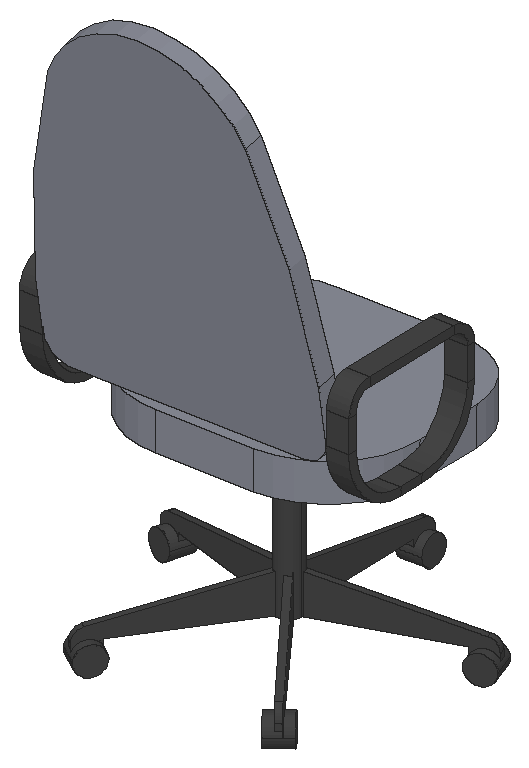
Revit family "Chair_Office", category Furniture, Revit 2021
Family settings
  Work Plane-Based = No
  Always vertical = Yes
  Cut with Voids When Loaded = No
  Shared = Yes
  Room Calculation Point = No
Parameters (values of type "635x685x435mm")
  Keynote = "N"
  Material Frame = Plastic - Black
  Material Caster = Plastic - Black
  Material Seat = Textile - Slate Blue
  Default Elevation = 0.00 mm
Reference planes
  plane 1 "Center (Front/Back)": y = 18.946
  plane 2: z = 0
  plane 3 "Center (Left/Right)": x = 140.991
  plane 4: x = 458.491
  plane 5: x = -176.509
  plane 6: y = -323.954
  plane 7: y = 361.846
  plane 8: z = 1066.8
  plane 9 "Seat": z = 457.2
  plane 10: x = 191.791
  plane 11: x = 90.191
  plane 12: through (0, -131.752, -23.231) normal (0, -0.9848, -0.1736)
  plane 13: x = 414.041
  plane 14: x = -132.059
Forms (mm)
  Extrusion 1, solid, material "Plastic - Black" <- "Material Frame"
    sketch origin (191.791, 0, 0) x (0, -1, 0) y (0, 0, 1)
      loop
        line (19.154, 383.784) -> (-69.746, 383.784) -> (-69.746, 371.084) -> (-18.946, 283.095) -> (19.154, 283.095) -> (19.154, 383.784)
    from 0 to 101.6
  Extrusion 2, solid, material "Plastic - Black" <- "Material Frame"
    sketch origin (140.991, 0, 0) x (0, 1, 0) y (0, 0, 1)
      loop
        line (18.946, 53.584) -> (311.046, 53.584) -> (311.046, 28.184) -> (361.846, 28.184) -> (361.846, 52.487)
        arc (361.846, 52.487) -> (355.903, 68.813) -> (340.857, 77.501) r 25.4
        line (340.857, 77.501) -> (44.346, 129.784) -> (18.946, 129.784) -> (18.946, 53.584)
    from 6.35 to -6.35
  Extrusion 3, solid, material "Plastic - Black" <- "Material Caster"
    sketch origin (140.991, 0, 0) x (0, 1, 0) y (0, 0, 1)
      loop
        circle (336.446, 28.184) r 28.2
    from 25.4 to -25.4
  Extrusion 4, solid, material "Plastic - Black" <- "Material Frame"
    sketch origin (159.009, 13.091, 0) x (-0.951057, 0.309017, 0) y (0, 0, 1)
      loop
        line (18.946, 53.584) -> (311.046, 53.584) -> (311.046, 28.184) -> (361.846, 28.184) -> (361.846, 52.487)
        arc (361.846, 52.487) -> (355.903, 68.813) -> (340.857, 77.501) r 25.4
        line (340.857, 77.501) -> (44.346, 129.784) -> (18.946, 129.784) -> (18.946, 53.584)
    from 6.35 to -6.35
  Extrusion 5, solid, material "Plastic - Black" <- "Material Caster"
    sketch origin (159.009, 13.091, 0) x (-0.951057, 0.309017, 0) y (0, 0, 1)
      loop
        circle (336.446, 28.184) r 28.2
    from 25.4 to -25.4
  Extrusion 6, solid, material "Plastic - Black" <- "Material Frame"
    sketch origin (152.127, 34.273, 0) x (-0.587785, -0.809017, 0) y (0, 0, 1)
      loop
        line (18.946, 53.584) -> (311.046, 53.584) -> (311.046, 28.184) -> (361.846, 28.184) -> (361.846, 52.487)
        arc (361.846, 52.487) -> (355.903, 68.813) -> (340.857, 77.501) r 25.4
        line (340.857, 77.501) -> (44.346, 129.784) -> (18.946, 129.784) -> (18.946, 53.584)
    from 6.35 to -6.35
  Extrusion 7, solid, material "Plastic - Black" <- "Material Caster"
    sketch origin (152.127, 34.273, 0) x (-0.587785, -0.809017, 0) y (0, 0, 1)
      loop
        circle (336.446, 28.184) r 28.2
    from 25.4 to -25.4
  Extrusion 8, solid, material "Plastic - Black" <- "Material Frame"
    sketch origin (129.855, 34.273, 0) x (0.587785, -0.809017, 0) y (0, 0, 1)
      loop
        line (18.946, 53.584) -> (311.046, 53.584) -> (311.046, 28.184) -> (361.846, 28.184) -> (361.846, 52.487)
        arc (361.846, 52.487) -> (355.903, 68.813) -> (340.857, 77.501) r 25.4
        line (340.857, 77.501) -> (44.346, 129.784) -> (18.946, 129.784) -> (18.946, 53.584)
    from 6.35 to -6.35
  Extrusion 9, solid, material "Plastic - Black" <- "Material Caster"
    sketch origin (129.855, 34.273, 0) x (0.587785, -0.809017, 0) y (0, 0, 1)
      loop
        circle (336.446, 28.184) r 28.2
    from 25.4 to -25.4
  Extrusion 10, solid, material "Plastic - Black" <- "Material Frame"
    sketch origin (122.972, 13.091, 0) x (0.951057, 0.309017, 0) y (0, 0, 1)
      loop
        line (18.946, 53.584) -> (311.046, 53.584) -> (311.046, 28.184) -> (361.846, 28.184) -> (361.846, 52.487)
        arc (361.846, 52.487) -> (355.903, 68.813) -> (340.857, 77.501) r 25.4
        line (340.857, 77.501) -> (44.346, 129.784) -> (18.946, 129.784) -> (18.946, 53.584)
    from 6.35 to -6.35
  Extrusion 11, solid, material "Plastic - Black" <- "Material Caster"
    sketch origin (122.972, 13.091, 0) x (0.951057, 0.309017, 0) y (0, 0, 1)
      loop
        circle (336.446, 28.184) r 28.2
    from 25.4 to -25.4
  Extrusion 12, solid, material "Plastic - Black" <- "Material Frame"
    sketch origin (0, 0, 0) x (1, 0, 0) y (0, 1, 0)
      loop
        circle (140.991, 18.946) r 25.4
    from 53.584 to 384.175
  Extrusion 13, solid, material "Textile - Slate Blue" <- "Material Seat"
    sketch origin (0, 0, 0) x (1, 0, 0) y (0, 1, 0)
      loop
        arc (20.341, 281.896) -> (-87.422, 237.259) -> (-132.059, 129.496) r 152.4
        line (-132.059, 129.496) -> (-132.059, -6.454)
        arc (-132.059, -6.454) -> (-79.983, -132.178) -> (45.741, -184.254) r 177.8
        line (45.741, -184.254) -> (236.241, -184.254)
        arc (236.241, -184.254) -> (361.964, -132.178) -> (414.041, -6.454) r 177.8
        line (414.041, -6.454) -> (414.041, 129.496)
        arc (414.041, 129.496) -> (369.404, 237.259) -> (261.641, 281.896) r 152.4
        line (261.641, 281.896) -> (20.341, 281.896)
    from 383.784 to 457.2
  Extrusion 14, solid, material "Textile - Slate Blue" <- "Material Seat"
    sketch origin (0, -131.752, -23.231) x (0, 0.173648, -0.984808) y (1, 0, 0)
      loop
        line (-534.516, -81.259) -> (-534.516, 363.241)
        arc (-534.516, 363.241) -> (-549.395, 399.162) -> (-585.316, 414.041) r 50.8
        line (-585.316, 414.041) -> (-686.916, 414.041)
        arc (-686.916, 414.041) -> (-901.118, 387.762) -> (-1109.461, 331.491) r 1524
        arc (-1109.461, 331.491) -> (-1241.95, 140.991) -> (-1109.461, -49.509) r 203.2
        arc (-1109.461, -49.509) -> (-901.118, -105.781) -> (-686.916, -132.059) r 1524
        line (-686.916, -132.059) -> (-585.316, -132.059)
        arc (-585.316, -132.059) -> (-549.395, -117.18) -> (-534.516, -81.259) r 50.8
    from 0 to -38.1
  Sweep 15, solid, material "Plastic - Black" <- "Material Frame"
    path origin (414.041, 0, 0) x (0, 1, 0) y (0, 0, 1)
      loop
        arc (-57.254, 419.1) -> (32.548, 456.297) -> (69.746, 546.1) r 127
        line (69.746, 546.1) -> (69.746, 609.6)
        arc (69.746, 609.6) -> (54.867, 645.521) -> (18.946, 660.4) r 50.8
        line (18.946, 660.4) -> (-184.254, 660.4)
        arc (-184.254, 660.4) -> (-220.175, 645.521) -> (-235.054, 609.6) r 50.8
        line (-235.054, 609.6) -> (-235.054, 546.1)
        arc (-235.054, 546.1) -> (-197.857, 456.297) -> (-108.054, 419.1) r 127
        line (-108.054, 419.1) -> (-57.254, 419.1)
    profile origin (414.041, -82.654, 0) x (0, 0, -1) y (1, 0, 0)
      loop
        line (-420.492, 0) -> (-420.492, 44.45) -> (-436.367, 44.45) -> (-436.367, 0) -> (-420.492, 0)
  Sweep 16, solid, material "Plastic - Black" <- "Material Frame"
    path origin (-132.059, 0, 0) x (0, 1, 0) y (0, 0, 1)
      loop
        arc (-57.254, 419.1) -> (32.548, 456.297) -> (69.746, 546.1) r 127
        line (69.746, 546.1) -> (69.746, 609.6)
        arc (69.746, 609.6) -> (54.867, 645.521) -> (18.946, 660.4) r 50.8
        line (18.946, 660.4) -> (-184.254, 660.4)
        arc (-184.254, 660.4) -> (-220.175, 645.521) -> (-235.054, 609.6) r 50.8
        line (-235.054, 609.6) -> (-235.054, 546.1)
        arc (-235.054, 546.1) -> (-197.857, 456.297) -> (-108.054, 419.1) r 127
        line (-108.054, 419.1) -> (-57.254, 419.1)
    profile origin (-678.159, -82.654, 0) x (0, 0, -1) y (1, 0, 0)
      loop
        line (-420.492, 546.1) -> (-436.367, 546.1) -> (-436.367, 501.65) -> (-420.492, 501.65) -> (-420.492, 546.1)
Lines and regions (mm)
  Masking region 1
    outline origin (0, 0, 457.2) x (0, -1, 0) y (1, 0, 0)
      loop
        arc (144.646, 395.817) -> (106.485, 409.425) -> (66.234, 414.041) r 177.8
        line (66.234, 414.041) -> (-129.496, 414.041)
        arc (-129.496, 414.041) -> (-237.259, 369.404) -> (-281.896, 261.641) r 152.4
        line (-281.896, 261.641) -> (-281.896, 20.341)
        arc (-281.896, 20.341) -> (-237.259, -87.422) -> (-129.496, -132.059) r 152.4
        line (-129.496, -132.059) -> (66.234, -132.059)
        arc (66.234, -132.059) -> (106.481, -127.444) -> (144.639, -113.838) r 177.8
        arc (144.639, -113.838) -> (131.104, -96.374) -> (126.288, -74.809) r 50.678
        line (126.288, -74.809) -> (126.288, 356.784)
        arc (126.288, 356.784) -> (131.106, 378.351) -> (144.646, 395.817) r 50.674
  Masking region 2
    outline origin (0, 0, 457.2) x (0, -1, 0) y (1, 0, 0)
      loop
        line (-364.646, 115.591) -> (-308.246, 115.591) -> (-308.246, 134.641) -> (-281.896, 134.641) -> (-281.896, 147.341) -> (-308.246, 147.341) -> (-308.246, 166.391) -> (-364.646, 166.391) -> (-364.646, 115.591)
      loop
        line (-134.372, 414.041) -> (-114.778, 414.041) -> (-84.188, 423.98) -> (-101.616, 477.62) -> (-149.93, 461.922) -> (-134.372, 414.041)
      loop
        line (-149.93, -179.941) -> (-101.616, -195.639) -> (-84.188, -141.999) -> (-104.415, -132.059) -> (-129.496, -132.059) -> (-149.93, -179.941)
      loop
        line (-68.354, -144.61) -> (-68.354, -176.509) -> (184.254, -176.509) -> (184.254, -144.61) -> (-68.354, -144.61)
      loop
        line (-68.354, 426.167) -> (184.254, 426.167) -> (184.254, 458.491) -> (-68.354, 458.491) -> (-68.354, 426.167)
  Masking region 3
    outline origin (0, 0, 457.2) x (0, -1, 0) y (1, 0, 0)
      loop
        arc (126.288, -74.809) -> (141.131, -110.645) -> (176.966, -125.488) r 50.678
        line (176.966, -125.488) -> (222.074, -125.488)
        arc (222.074, -125.488) -> (239.917, -118.097) -> (247.308, -100.255) r 25.233
        line (247.308, -100.255) -> (247.308, -83.85) -> (275.661, -41.658) -> (247.308, -21.058) -> (247.308, 303.039) -> (275.661, 323.639) -> (247.308, 362.665) -> (247.308, 382.224)
        arc (247.308, 382.224) -> (239.917, 400.067) -> (222.075, 407.458) r 25.233
        line (222.075, 407.458) -> (176.961, 407.458)
        arc (176.961, 407.458) -> (141.13, 392.616) -> (126.288, 356.784) r 50.674
        line (126.288, 356.784) -> (126.288, -74.809)
  symbolic lines, not visible
    curve 1: line (-100.255, -247.308, 0) -> (382.224, -247.308, 0)
    curve 2: line (-125.488, -222.074, 0) -> (-125.488, -176.966, 0)
    curve 3: line (-74.809, -126.288, 0) -> (356.784, -126.288, 0)
    curve 4: line (407.458, -222.075, 0) -> (407.458, -176.961, 0)
    curve 5: arc (-74.809, -126.288, 0) -> (-110.645, -141.131, 0) -> (-125.488, -176.966, 0) r 50.678
    curve 6: arc (356.784, -126.288, 0) -> (392.616, -141.13, 0) -> (407.458, -176.961, 0) r 50.674
    curve 7: arc (-125.488, -222.074, 0) -> (-118.097, -239.917, 0) -> (-100.255, -247.308, 0) r 25.233
    curve 8: arc (407.458, -222.075, 0) -> (400.067, -239.917, 0) -> (382.224, -247.308, 0) r 25.233
    curve 9: line (20.341, 281.896, 0) -> (261.641, 281.896, 0)
    curve 10: line (-132.059, 129.496, 0) -> (-132.059, -66.234, 0)
    curve 11: line (414.041, 129.496, 0) -> (414.041, -66.234, 0)
    curve 12: arc (20.341, 281.896, 0) -> (-87.422, 237.259, 0) -> (-132.059, 129.496, 0) r 152.4
    curve 13: arc (261.641, 281.896, 0) -> (369.404, 237.259, 0) -> (414.041, 129.496, 0) r 152.4
    curve 14: arc (414.041, -66.234, 0) -> (409.425, -106.485, 0) -> (395.817, -144.646, 0) r 177.8
    curve 15: arc (-132.059, -66.234, 0) -> (-127.444, -106.481, 0) -> (-113.838, -144.639, 0) r 177.8
    curve 16: line (115.591, 364.646, 0) -> (166.391, 364.646, 0)
    curve 17: line (115.591, 364.646, 0) -> (115.591, 308.246, 0)
    curve 18: line (115.591, 308.246, 0) -> (166.391, 308.246, 0)
    curve 19: line (166.391, 364.646, 0) -> (166.391, 308.246, 0)
    curve 20: line (413.964, 134.347, 0) -> (461.922, 149.93, 0)
    curve 21: line (461.922, 149.93, 0) -> (477.62, 101.616, 0)
    curve 22: line (477.62, 101.616, 0) -> (423.98, 84.188, 0)
    curve 23: line (423.98, 84.188, 0) -> (414.041, 114.778, 0)
    curve 24: line (303.039, -247.308, 0) -> (323.639, -275.661, 0)
    curve 25: line (323.639, -275.661, 0) -> (362.665, -247.308, 0)
    curve 26: line (-21.058, -247.308, 0) -> (-41.658, -275.661, 0)
    curve 27: line (-41.658, -275.661, 0) -> (-83.85, -247.308, 0)
    curve 28: line (-195.639, 101.616, 0) -> (-179.941, 149.93, 0)
    curve 29: line (-179.941, 149.93, 0) -> (-132.059, 129.496, 0)
    curve 30: line (-195.639, 101.616, 0) -> (-141.999, 84.188, 0)
    curve 31: line (-141.999, 84.188, 0) -> (-132.059, 104.415, 0)
    curve 32: line (134.641, 308.246, 0) -> (147.341, 308.246, 0)
    curve 33: line (134.641, 308.246, 0) -> (134.641, 281.896, 0)
    curve 34: line (134.641, 281.896, 0) -> (147.341, 281.896, 0)
    curve 35: line (147.341, 308.246, 0) -> (147.341, 281.896, 0)
    curve 36: line (-176.509, 68.354, 0) -> (-144.61, 68.354, 0)
    curve 37: line (-176.509, 68.354, 0) -> (-176.509, -184.254, 0)
    curve 38: line (-176.509, -184.254, 0) -> (-144.61, -184.254, 0)
    curve 39: line (-144.61, 68.354, 0) -> (-144.61, -184.254, 0)
    curve 40: line (458.491, 68.354, 0) -> (426.167, 68.354, 0)
    curve 41: line (458.491, 68.354, 0) -> (458.491, -184.254, 0)
    curve 42: line (458.491, -184.254, 0) -> (426.167, -184.254, 0)
    curve 43: line (426.167, 68.354, 0) -> (426.167, -184.254, 0)
  symbolic lines
    curve 44: line (-83.85, -247.308, 0) -> (-21.058, -247.308, 0)
    curve 45: line (303.039, -247.308, 0) -> (362.665, -247.308, 0)
Dimensions and locks
  equal spacing: plane 5, plane 3 "Center (Left/Right)", plane 4
  plane 5 to plane 4 = 635.00 mm
  equal spacing: plane 6, plane 1 "Center (Front/Back)", plane 7
  plane 6 to plane 7 = 685.80 mm
  aligned and locked: Masking region 1 sketch curve to curve 14
  aligned and locked: Masking region 1 sketch curve to curve 13
  aligned and locked: Masking region 1 sketch curve to curve 12
  aligned and locked: Masking region 1 sketch curve to curve 15
  aligned and locked: Masking region 1 sketch curve to curve 6
  aligned and locked: Masking region 1 sketch curve to curve 5
  aligned and locked: Masking region 2 sketch curve to curve 17
  aligned and locked: Masking region 2 sketch curve to curve 18
  aligned and locked: Masking region 2 sketch curve to curve 19
  aligned and locked: Masking region 2 sketch curve to curve 16
  aligned and locked: Extrusion 2 to Masking region 2 sketch curve  (x2)
  aligned and locked: Extrusion 13 to Masking region 2 sketch curve
  aligned and locked: Extrusion 11 to Masking region 2 sketch curve
  aligned and locked: Masking region 2 sketch curve to curve 21
  aligned and locked: Masking region 2 sketch curve to Extrusion 11
  aligned and locked: Masking region 2 sketch curve to curve 23
  aligned and locked: Sweep 15 to Masking region 2 sketch curve
  aligned and locked: Masking region 2 sketch curve to curve 29
  aligned and locked: Masking region 2 sketch curve to curve 28
  aligned and locked: Masking region 2 sketch curve to Extrusion 5
  aligned and locked: Masking region 2 sketch curve to curve 31
  aligned and locked: Sweep 16 to Masking region 2 sketch curve
  aligned and locked: Masking region 2 sketch curve to curve 39
  aligned and locked: Masking region 2 sketch curve to curve 38
  aligned and locked: Masking region 2 sketch curve to curve 37
  aligned and locked: Masking region 2 sketch curve to curve 36
  aligned and locked: Masking region 2 sketch curve to curve 43
  aligned and locked: Masking region 2 sketch curve to curve 42
  aligned and locked: Masking region 2 sketch curve to curve 41
  aligned and locked: Masking region 2 sketch curve to curve 40
  aligned and locked: Masking region 3 sketch curve to curve 6
  aligned and locked: Masking region 3 sketch curve to curve 8
  aligned and locked: Masking region 3 sketch curve to curve 7
  aligned and locked: Masking region 3 sketch curve to curve 5
  aligned and locked: Masking region 3 sketch curve to curve 27
  aligned and locked: Extrusion 7 to Masking region 3 sketch curve
  aligned and locked: Masking region 3 sketch curve to Extrusion 9
  aligned and locked: Masking region 3 sketch curve to curve 25
Automatic sketch dimensions
  curve 37 to plane 5 = 0.00 mm
  curve 10 to plane 14 = 0.00 mm
  curve 11 to plane 13 = 0.00 mm
  curve 42 to plane 4 = 0.00 mm
  plane 5 to curve 29 = 3.431 mm
  plane 5 to curve 28 = 19.13 mm
  curve 39 to plane 14 = 12.551 mm
  curve 31 to plane 14 = 9.939 mm
  plane 14 to curve 2 = 6.571 mm
  plane 14 to curve 15 = 18.221 mm
  plane 14 to curve 7 = 31.805 mm
  curve 7 to curve 44 = 16.405 mm
  curve 27 to curve 44 = 0.00 mm
  curve 15 to curve 5 = 39.029 mm
  curve 44 to curve 27 = 42.192 mm
  curve 26 to curve 26 = 20.60 mm
  curve 44 to curve 26 = 0.00 mm
  plane 11 to curve 12 = 69.85 mm
  plane 11 to curve 15 = 44.45 mm
  curve 18 to plane 3 "Center (Left/Right)" = 25.40 mm
  curve 33 to plane 3 "Center (Left/Right)" = 6.35 mm
  plane 3 "Center (Left/Right)" to curve 35 = 6.35 mm
  curve 19 to plane 7 = 2.80 mm
  plane 3 "Center (Left/Right)" to curve 19 = 25.40 mm
  curve 14 to plane 10 = 44.45 mm
  curve 9 to plane 10 = 69.85 mm
  curve 24 to plane 6 = 76.646 mm
  curve 24 to plane 13 = 111.002 mm
  curve 24 to plane 6 = 48.293 mm
  curve 45 to curve 24 = 20.60 mm
  curve 3 to plane 13 = 57.257 mm
  curve 45 to curve 25 = 0.00 mm
  curve 45 to curve 1 = 19.56 mm
  curve 14 to plane 13 = 18.224 mm
  curve 6 to plane 13 = 6.583 mm
  curve 20 to plane 13 = 0.077 mm
  plane 13 to curve 23 = 9.939 mm
  plane 13 to curve 43 = 12.126 mm
  curve 21 to plane 4 = 3.431 mm
  curve 21 to plane 4 = 19.13 mm
  curve 27 to curve 44 = 28.353 mm
  curve 45 to curve 24 = 0.00 mm
  curve 2 to curve 37 = 37.82 mm
  curve 8 to curve 43 = 37.82 mm
  curve 38 to curve 5 = 7.288 mm
  curve 39 to plane 1 "Center (Front/Back)" = 49.408 mm
  curve 43 to plane 1 "Center (Front/Back)" = 49.408 mm
  curve 36 to curve 31 = 15.833 mm
  curve 40 to curve 23 = 15.833 mm
  curve 40 to curve 21 = 33.262 mm
  curve 36 to curve 30 = 33.262 mm
  curve 30 to curve 31 = 20.228 mm
  plane 7 to curve 34 = 79.95 mm
  curve 34 to curve 19 = 26.35 mm
  curve 32 to curve 18 = 0.00 mm
  plane 7 to Masking region 2 sketch curve = 53.60 mm
  Masking region 3 sketch curve to Masking region 3 sketch curve = 28.353 mm
